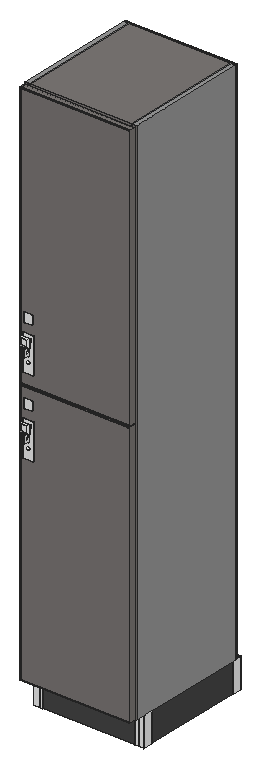
Revit family "Wood_Lockers_Hasps-Salsbury_Industries-15_42000_Series-1_Wide_Units.rfa", category Specialty Equipment, Revit 2016
Family settings
  Part Type = Normal
  Round Connector Dimension = Use Diameter
  OmniClass Number = 23.40.00.00
  OmniClass Title = Equipment and Furnishings
  Work Plane-Based = No
  Always vertical = Yes
  Cut with Voids When Loaded = No
  Shared = No
  Room Calculation Point = No
Parameters (values of type "15-42168")
  Width = 15.000"
  Version = "1.0 (01/31/24)"
  Unit Height including Sloping Hood Only [instance] = 78.868"
  Unit Height including Base Only [instance] = 76.000"
  URL = "www.lockers.com"
  Type Comments = "Premier Wood Lockers - Double Tier - with Hasps"
  Total Doors Height [instance] = if(Unit Height = 72.000", 71.750", if(Unit Height = 60.000", 59.750", 0.000"))  # 71.750"
  Sloping Top Corner Filler - Right Side [instance] = Wood Locker Sloping Corner Fillers : None
  Sloping Top Corner Filler - Left Side [instance] = Wood Locker Sloping Corner Fillers : None
  Sloping In-Line Filler - Right Side [instance] = Wood Locker Sloping In-Line Fillers : None
  Sloping In-Line Filler - Left Side [instance] = Wood Locker Sloping In-Line Fillers : None
  Sloping Hood Height = if(Depth = 15.000", 5.743", if(Depth = 18.000", 6.868", if(Depth = 21.000", 7.993", if(Depth = 24.000", 9.118", 0.000"))))  # 6.868"
  Sloping Hood [instance] = Wood Locker Sloping Hoods : None
  Side Panel without Slope - Right Side [instance] = Wood Locker Side Panels-No Slope : None
  Side Panel without Slope - Left Side [instance] = Wood Locker Side Panels-No Slope : None
  Side Panel with Slope - Right Side [instance] = Wood Locker Side Panels-With Slope : None
  Side Panel with Slope - Left Side [instance] = Wood Locker Side Panels-With Slope : None
  Secondary Structure Materials = Particle Board Industrial Grade - Salsbury Finish - Black Melamine Overlay
  Primary Structure Materials = Particle Board Industrial Grade - Salsbury Finish - Plain
  Overall Unit Height including Base and Sloping Hood [instance] = 82.868"
  OmniClass 23 Title = "Equipment and Furnishings"
  OmniClass 23 Number = "23.40.00.00"
  Model = "15-42168"
  MasterFormat Title = "Lockers"
  MasterFormat Code = "10 51 23"
  Manufacturer = "Salsbury Industries"
  Laminate Surface [instance] = Industrial Grade Particleboard with Wood Laminate - Salsbury Finish - Skyline Walnut
  Interior Material = Textured Melamine - Salsbury Finish - White
  Individual Door Width [instance] = 14.875"
  Unit Height = 72.000"
  Individual Door Height = if(Unit Height = 72.000", 35.781", if(Unit Height = 60.000", 29.781", 0.000"))  # 35.781"
  Hardware = Aluminum - Salsbury Finish - Black Satin
  Front Vertical Filler - Right Side [instance] = Wood Locker Front Fillers : None
  Front Vertical Filler - Left Side [instance] = Wood Locker Front Fillers : None
  Front Corner Filler - Right Side [instance] = Wood Locker Front Corner Filler : None
  Front Corner Filler - Left Side [instance] = Wood Locker Front Corner Filler : None
  Flat Top In-Line Filler - Right Side [instance] = Wood Locker Flat In-Line Fillers : None
  Flat Top In-Line Filler - Left Side [instance] = Wood Locker Flat In-Line Fillers : None
  Flat Top Corner Filler - Right Side [instance] = Wood Locker Flat Corner Fillers : None
  Flat Top Corner Filler - Left Side [instance] = Wood Locker Flat Corner Fillers : None
  Fascia Filler [instance] = Wood Locker Fascia Fillers : None
  Double Side Panel without Slope - Right Side [instance] = Wood Locker Double Side Panels-No Slope : None
  Double Side Panel without Slope - Left Side [instance] = Wood Locker Double Side Panels-No Slope : None
  Double Side Panel with Slope - Right Side [instance] = Wood Locker Double Side Panels-With Slope : None
  Double Side Panel with Slope - Left Side [instance] = Wood Locker Double Side Panels-With Slope : None
  Door Location D2 = Premier Locker Doors_Hasp : Double Tier Door-2 for Six Foot High Locker
  Door Location D1 = Premier Locker Doors_Hasp : Double Tier Door-1 for Six Foot High Locker
  Description = "1 Wide - 6 Feet High - 18 inches Deep - with Base"
  Depth = 18.000"
  Compartment Width [instance] = 13.750"
  Compartment Height [instance] = if(Unit Height = 72.000", 34.875", if(Unit Height = 60.000", 28.875", 0.000"))  # 34.875"
  Compartment Depth [instance] = 16.750"
  Base Material = Particle Board Industrial Grade - Salsbury Finish - Black Melamine Overlay
  Base Height = 4.000"
  Base Depth [instance] = 16.250"
  Base = Wood Locker Bases : Base - 15" W x 18" D Lockers
  Assembly Code = "C1030310"
Reference planes (in)
  plane 1 "Center (Front/Back)": y = 0
  plane 2: z = 0
  plane 3 "Center (Left/Right)": x = 0
  plane 4 "Right Side of Unit": x = 7.5
  plane 5 "Left Side of Unit": x = -7.5
  plane 6 "Back of Unit": y = 9
  plane 7 "Front of Unit": y = -9
  plane 8 "Bottom of Base": z = 0
  plane 9 "Top Edge of Unit": z = 76
  plane 10 "Top of Base Edge": z = 4
  plane 11: z = 82.868
  plane 12 "Right Compartment Edge": x = 6.906
  plane 13 "Left Compartment Edge": x = -6.906
  plane 14 "Front Melamine Edge": y = -8
  plane 15 "Back Compartment Edge": y = 8.781
  plane 16 "Front Compartment Edge": y = -7.969
  plane 17 "Front Edge of Base": y = -6.625
  plane 18 "Bottom Edge of Door": z = 4.125
  plane 19 "Top Edge of Door": z = 75.875
  plane 20 "Bottom Compartment Edge": z = 4.75
  plane 21 "Top Compartment Edge": z = 75.25
  plane 22 "Center Top and Bottom": z = 40
  plane 23 "Left Melamine Edge": x = -6.875
  plane 24 "Right Melamine Edge": x = 6.875
  plane 25 "Back Melamine Edge": y = 8.75
  plane 26 "Left Edge of Door": x = -7.375
  plane 27: y = 9.625
  plane 28: y = -7.25
  plane 29 "Base / Ventillation Alignment": y = 9.625
  plane 30 "Compartment Shelf": z = 40.375
  plane 31: z = 39.625
  plane 32: z = 39.906
  plane 33: z = 40.094
  plane 34 "5" Shelf top": z = 70.75
  plane 35: z = 70
  plane 36 "Front of Shelf": y = 3.75
  plane 37 "5" Shelf Bottom": z = 35.125
  plane 38: z = 34.375
  plane 39: y = 3.781
Forms (in)
  Extrusion 1, solid, material "Particle Board Industrial Grade - Salsbury Finish - Plain" <- "Primary Structure Materials"
    sketch origin (7.5, 0, 0) x (0, -1, 0) y (0, 0, 1)
      loop
        line (7.969, 76) -> (-8.75, 76) -> (-8.75, 4) -> (7.969, 4) -> (7.969, 76)
    from 0 to 0.594
  Extrusion 2, solid, material "Particle Board Industrial Grade - Salsbury Finish - Plain" <- "Primary Structure Materials"
    sketch origin (-7.5, 0, 0) x (0, -1, 0) y (0, 0, 1)
      loop
        line (-8.75, 76) -> (-8.75, 4) -> (7.969, 4) -> (7.969, 76) -> (-8.75, 76)
    from 0 to -0.594
  Extrusion 3, solid, material "Textured Melamine - Salsbury Finish - White" <- "Interior Material"
    sketch origin (0, 0, 4) x (0, -1, 0) y (1, 0, 0)
      loop
        line (-8.75, -6.875) -> (7.969, -6.875) -> (7.969, 6.875) -> (-8.75, 6.875) -> (-8.75, -6.875)
    from 0 to 0.75
  Extrusion 4, solid, material "Industrial Grade Particleboard with Wood Laminate - Salsbury Finish - Skyline Walnut" <- "Laminate Surface"
    sketch origin (-0.375, 0.375, 76) x (-1, 0, 0) y (0, -1, 0)
      loop
        line (-7.25, -8.375) -> (6.5, -8.375) -> (6.5, 8.375) -> (-7.25, 8.375) -> (-7.25, -8.375)
    from 0 to -0.75
  Extrusion 5, solid, material "Particle Board Industrial Grade - Salsbury Finish - Plain" <- "Primary Structure Materials"
    sketch origin (0, 9, 0) x (1, 0, 0) y (0, 0, 1)
      loop
        line (-7.5, 76) -> (-7.5, 4) -> (7.5, 4) -> (7.5, 76) -> (-7.5, 76)
    from 0 to 0.219
  Extrusion 6, solid, material "Industrial Grade Particleboard with Wood Laminate - Salsbury Finish - Skyline Walnut" <- "Laminate Surface"
    sketch origin (0, -7.969, 0) x (1, 0, 0) y (0, 0, 1)
      loop
        line (-7.5, 76) -> (-7.5, 4) -> (-6.875, 4) -> (-6.875, 76) -> (-7.5, 76)
    from 0 to 0.031
  Extrusion 7, solid, material "Industrial Grade Particleboard with Wood Laminate - Salsbury Finish - Skyline Walnut" <- "Laminate Surface"
    sketch origin (0, -7.969, 0) x (-1, 0, 0) y (0, 0, -1)
      loop
        line (-7.5, -76) -> (-6.875, -76) -> (-6.875, -4) -> (-7.5, -4) -> (-7.5, -76)
    from 0 to 0.031
  Extrusion 8, solid, material "Textured Melamine - Salsbury Finish - White" <- "Interior Material"
    sketch origin (0, 8.75, 0) x (1, 0, 0) y (0, 0, 1)
      loop
        line (-7.5, 76) -> (-7.5, 4) -> (7.5, 4) -> (7.5, 76) -> (-7.5, 76)
    from -0.031 to 0
  Extrusion 9, solid, material "Textured Melamine - Salsbury Finish - White" <- "Interior Material"
    sketch origin (-6.906, 0, 0) x (0, -1, 0) y (0, 0, 1)
      loop
        line (-8.75, 76) -> (-8.75, 4) -> (7.969, 4) -> (7.969, 76) -> (-8.75, 76)
    from 0 to -0.031
  Extrusion 10, solid, material "Textured Melamine - Salsbury Finish - White" <- "Interior Material"
    sketch origin (6.906, 0, 0) x (0, -1, 0) y (0, 0, 1)
      loop
        line (7.969, 76) -> (-8.75, 76) -> (-8.75, 4) -> (7.969, 4) -> (7.969, 76)
    from 0 to 0.031
  Extrusion 11, solid, material "Textured Melamine - Salsbury Finish - White" <- "Interior Material", detail levels fine
    sketch origin (0, 0, 40.375) x (0, -1, 0) y (1, 0, 0)
      loop
        line (-8.75, -6.875) -> (7.969, -6.875) -> (7.969, 6.875) -> (-8.75, 6.875) -> (-8.75, -6.875)
    from 0 to -0.75
  Extrusion 12, solid, material "Textured Melamine - Salsbury Finish - White" <- "Interior Material"
    sketch origin (0, 0, 70.75) x (0, -1, 0) y (1, 0, 0)
      loop
        line (-8.75, -6.875) -> (-3.781, -6.875) -> (-3.781, 6.875) -> (-8.75, 6.875) -> (-8.75, -6.875)
    from 0 to -0.75
  Extrusion 13, solid, material "Textured Melamine - Salsbury Finish - White" <- "Interior Material"
    sketch origin (0, 0, 35.125) x (0, -1, 0) y (1, 0, 0)
      loop
        line (-8.75, -6.875) -> (-3.781, -6.875) -> (-3.781, 6.875) -> (-8.75, 6.875) -> (-8.75, -6.875)
    from 0 to -0.75
  Extrusion 14, solid, material "Industrial Grade Particleboard with Wood Laminate - Salsbury Finish - Skyline Walnut" <- "Laminate Surface"
    sketch origin (0, -8, 0) x (1, 0, 0) y (0, 0, 1)
      loop
        line (-6.875, 40.375) -> (-6.875, 39.625) -> (6.875, 39.625) -> (6.875, 40.375) -> (-6.875, 40.375)
    from 0 to -0.031
  Extrusion 15, solid, material "Industrial Grade Particleboard with Wood Laminate - Salsbury Finish - Skyline Walnut" <- "Laminate Surface"
    sketch origin (0, -8, 0) x (1, 0, 0) y (0, 0, 1)
      loop
        line (-6.875, 4.75) -> (-6.875, 4) -> (6.875, 4) -> (6.875, 4.75) -> (-6.875, 4.75)
    from 0 to -0.031
  Extrusion 16, solid, material "Industrial Grade Particleboard with Wood Laminate - Salsbury Finish - Skyline Walnut" <- "Laminate Surface"
    sketch origin (0, 3.75, 0) x (1, 0, 0) y (0, 0, 1)
      loop
        line (-6.875, 70.75) -> (-6.875, 70) -> (6.875, 70) -> (6.875, 70.75) -> (-6.875, 70.75)
    from 0 to -0.031
  Extrusion 17, solid, material "Industrial Grade Particleboard with Wood Laminate - Salsbury Finish - Skyline Walnut" <- "Laminate Surface"
    sketch origin (0, 3.75, -35.625) x (1, 0, 0) y (0, 0, 1)
      loop
        line (-6.875, 70.75) -> (-6.875, 70) -> (6.875, 70) -> (6.875, 70.75) -> (-6.875, 70.75)
    from 0 to -0.031
Lines and regions (in)
  symbolic lines
    curve 1: line (-7.5, 8.75, 76) -> (7.50006, 8.75, 76)
    curve 2: line (-7.5, 8.75, 0) -> (-7.5, 8.75, 76)
    curve 3: line (7.50006, 8.75, 76) -> (7.50006, 8.75, 0)
    curve 4: line (6.906, -8, 76) -> (6.906, 9.625, 76)
    curve 5: line (6.906, -8, 0) -> (6.906, -8, 76)
    curve 6: line (6.906, 9.625, 76) -> (6.906, 9.625, 0)
    curve 7: line (7.50006, 8.75, 0) -> (-7.5, 8.75, 0)
    curve 8: line (6.906, -6.625, 0) -> (6.906, 9.625, 0)
    curve 9: line (6.906, 9.625, 0) -> (6.906, -6.625, 0)
    curve 10: line (6.906, -8, 0) -> (6.906, 9.625, 0)
    curve 11: line (-7.5, 9.625, 0) -> (7.5, 9.625, 0)
    curve 12: line (-7.5, -8, 0) -> (-7.5, 9.625, 0)
    curve 13: line (7.5, -8, 0) -> (-7.5, -8, 0)
    curve 14: line (7.5, 9.625, 0) -> (7.5, -8, 0)
Dimensions and locks (in)
  equal spacing: plane 5 "Left Side of Unit", plane 3 "Center (Left/Right)", plane 4 "Right Side of Unit"
  "Width": plane 5 "Left Side of Unit" to plane 4 "Right Side of Unit"
  equal spacing: plane 7 "Front of Unit", plane 1 "Center (Front/Back)", plane 6 "Back of Unit"
  "Depth": plane 7 "Front of Unit" to plane 6 "Back of Unit"
  "Base Height": plane 10 "Top of Base Edge" to plane 8 "Bottom of Base"
  "Unit Height": plane 9 "Top Edge of Unit" to plane 10 "Top of Base Edge"
  "Sloping Hood Height": plane 11 to plane 9 "Top Edge of Unit"
  locked: plane 12 "Right Compartment Edge" to plane 4 "Right Side of Unit" at 0.594
  locked: plane 5 "Left Side of Unit" to plane 13 "Left Compartment Edge" at 0.594
  locked: plane 7 "Front of Unit" to plane 14 "Front Melamine Edge" at 1
  locked: plane 15 "Back Compartment Edge" to plane 6 "Back of Unit" at 0.219
  locked: plane 14 "Front Melamine Edge" to plane 16 "Front Compartment Edge" at 0.031
  plane 18 "Bottom Edge of Door" to plane 10 "Top of Base Edge" = 0.125"
  plane 9 "Top Edge of Unit" to plane 19 "Top Edge of Door" = 0.125"
  plane 20 "Bottom Compartment Edge" to plane 10 "Top of Base Edge" = 0.750"
  plane 9 "Top Edge of Unit" to plane 21 "Top Compartment Edge" = 0.750"
  equal spacing: plane 9 "Top Edge of Unit", plane 22 "Center Top and Bottom", plane 10 "Top of Base Edge"
  locked: plane 24 "Right Melamine Edge" to plane 12 "Right Compartment Edge" at 0.031
  locked: plane 13 "Left Compartment Edge" to plane 23 "Left Melamine Edge" at 0.031
  locked: plane 25 "Back Melamine Edge" to plane 15 "Back Compartment Edge" at 0.031
  locked: plane 5 "Left Side of Unit" to plane 26 "Left Edge of Door" at 0.125
  "Individual Door Width": plane 26 "Left Edge of Door" to plane 4 "Right Side of Unit"
  "Total Doors Height": plane 19 "Top Edge of Door" to plane 18 "Bottom Edge of Door"
  "Unit Height including Base Only": plane 9 "Top Edge of Unit" to plane 8 "Bottom of Base"
  "Unit Height including Sloping Hood Only": plane 11 to plane 10 "Top of Base Edge"
  "Overall Unit Height including Base and Sloping Hood": plane 11 to plane 8 "Bottom of Base"
  locked: plane 7 "Front of Unit" to plane 17 "Front Edge of Base" at 2.375
  locked: plane 6 "Back of Unit" to plane 27 at 0.625
  "Base Depth": plane 17 "Front Edge of Base" to plane 27
  "Compartment Width": plane 23 "Left Melamine Edge" to plane 24 "Right Melamine Edge"
  "Compartment Height": plane 31 to plane 20 "Bottom Compartment Edge"
  "Compartment Depth": plane 14 "Front Melamine Edge" to plane 25 "Back Melamine Edge"
  locked: plane 14 "Front Melamine Edge" to plane 28 at 0.75
  plane 14 "Front Melamine Edge" to plane 27 = 17.625"
  Extrusion 2 to Extrusion 9 = 16.719"
  plane 6 "Back of Unit" to plane 29 "Base / Ventillation Alignment" = 0.625"
  locked: plane 30 "Compartment Shelf" to plane 31 at 0.75
  locked: plane 33 to plane 32 at 0.188
  "Individual Door Height": plane 32 to plane 18 "Bottom Edge of Door"
  plane 21 "Top Compartment Edge" to plane 34 "5" Shelf top" to plane 35 = 4.500" locked, 0.750" locked
  locked: plane 36 "Front of Shelf" to plane 25 "Back Melamine Edge" at 5
  plane 31 to plane 37 "5" Shelf Bottom" to plane 38 = 4.500" locked, 0.750" locked
  locked: plane 36 "Front of Shelf" to plane 39 at 0.031
  aligned and locked: level to plane 2
  aligned and locked: plane 15 "Back Compartment Edge" to Extrusion 5
  aligned and locked: plane 4 "Right Side of Unit" to nested 1
  aligned and locked: plane 18 "Bottom Edge of Door" to nested 1
  aligned and locked: plane 7 "Front of Unit" to nested 1
  aligned and locked: plane 9 "Top Edge of Unit" to nested 2
  aligned and locked: plane 14 "Front Melamine Edge" to nested 2
  aligned and locked: plane 5 "Left Side of Unit" to nested 3
  aligned and locked: plane 14 "Front Melamine Edge" to nested 3
  aligned and locked: plane 9 "Top Edge of Unit" to nested 3
  aligned and locked: plane 4 "Right Side of Unit" to nested 4
  aligned and locked: nested 4 to plane 9 "Top Edge of Unit"
  aligned and locked: nested 4 to plane 14 "Front Melamine Edge"
  aligned and locked: plane 9 "Top Edge of Unit" to nested 5
  aligned and locked: plane 28 to nested 5
  aligned and locked: nested 6 to plane 28
  aligned and locked: plane 5 "Left Side of Unit" to nested 6
  aligned and locked: plane 4 "Right Side of Unit" to nested 5
  aligned and locked: nested 6 to plane 9 "Top Edge of Unit"
  aligned and locked: nested 8 to plane 5 "Left Side of Unit"
  aligned and locked: nested 7 to plane 4 "Right Side of Unit"
  aligned and locked: plane 14 "Front Melamine Edge" to nested 7
  aligned and locked: nested 8 to plane 14 "Front Melamine Edge"
  aligned and locked: plane 10 "Top of Base Edge" to nested 7
  aligned and locked: nested 8 to plane 10 "Top of Base Edge"
  aligned and locked: plane 5 "Left Side of Unit" to nested 9
  aligned and locked: plane 4 "Right Side of Unit" to nested 10
  aligned and locked: nested 10 to plane 10 "Top of Base Edge"
  aligned and locked: plane 10 "Top of Base Edge" to nested 9
  aligned and locked: plane 16 "Front Compartment Edge" to nested 10
  aligned and locked: nested 9 to plane 14 "Front Melamine Edge"
  aligned and locked: plane 4 "Right Side of Unit" to nested 11
  aligned and locked: nested 11 to plane 10 "Top of Base Edge"
  aligned and locked: plane 14 "Front Melamine Edge" to nested 11
  aligned and locked: plane 14 "Front Melamine Edge" to nested 12
  aligned and locked: nested 12 to nested 4
  aligned and locked: plane 10 "Top of Base Edge" to nested 12
  aligned and locked: nested 13 to plane 5 "Left Side of Unit"
  aligned and locked: nested 13 to plane 14 "Front Melamine Edge"
  aligned and locked: nested 13 to plane 10 "Top of Base Edge"
  aligned and locked: plane 14 "Front Melamine Edge" to nested 14
  aligned and locked: nested 14 to plane 4 "Right Side of Unit"
  aligned and locked: nested 15 to plane 14 "Front Melamine Edge"
  aligned and locked: nested 15 to plane 5 "Left Side of Unit"
  aligned and locked: plane 10 "Top of Base Edge" to nested 14
  aligned and locked: nested 15 to plane 10 "Top of Base Edge"
  aligned and locked: plane 14 "Front Melamine Edge" to nested 16
  aligned and locked: plane 4 "Right Side of Unit" to nested 16
  aligned and locked: nested 17 to plane 14 "Front Melamine Edge"
  aligned and locked: plane 5 "Left Side of Unit" to nested 17
  aligned and locked: nested 16 to plane 8 "Bottom of Base"
  aligned and locked: nested 17 to plane 8 "Bottom of Base"
  aligned and locked: nested 18 to plane 5 "Left Side of Unit"
  aligned and locked: nested 19 to plane 4 "Right Side of Unit"
  aligned and locked: nested 19 to plane 14 "Front Melamine Edge"
  aligned and locked: plane 14 "Front Melamine Edge" to nested 18
  aligned and locked: plane 8 "Bottom of Base" to nested 19
  aligned and locked: nested 18 to plane 8 "Bottom of Base"
  aligned and locked: plane 17 "Front Edge of Base" to nested 20
  aligned and locked: plane 9 "Top Edge of Unit" to nested 21
  aligned and locked: plane 5 "Left Side of Unit" to nested 21
  aligned and locked: nested 22 to plane 9 "Top Edge of Unit"
  aligned and locked: plane 4 "Right Side of Unit" to nested 22
  aligned and locked: nested 22 to plane 14 "Front Melamine Edge"
  aligned and locked: nested 21 to plane 14 "Front Melamine Edge"
  aligned and locked: nested 24 to plane 9 "Top Edge of Unit"
  aligned and locked: plane 4 "Right Side of Unit" to nested 24
  aligned and locked: nested 23 to plane 9 "Top Edge of Unit"
  aligned and locked: plane 5 "Left Side of Unit" to nested 23
  aligned and locked: nested 24 to plane 28
  aligned and locked: nested 23 to plane 28
  aligned and locked: plane 14 "Front Melamine Edge" to nested 25
  aligned and locked: plane 9 "Top Edge of Unit" to nested 25
  aligned and locked: plane 8 "Bottom of Base" to nested 20
  aligned and locked: plane 3 "Center (Left/Right)" to nested 20
  aligned and locked: plane 25 "Back Melamine Edge" to Extrusion 3 sketch curve
  aligned and locked: Extrusion 3 sketch curve to plane 23 "Left Melamine Edge"
  aligned and locked: plane 24 "Right Melamine Edge" to Extrusion 3 sketch curve
  aligned and locked: Extrusion 4 to plane 9 "Top Edge of Unit"
  aligned and locked: plane 21 "Top Compartment Edge" to Extrusion 4
  aligned and locked: Extrusion 2 sketch curve to plane 9 "Top Edge of Unit"
  aligned and locked: plane 16 "Front Compartment Edge" to Extrusion 2 sketch curve
  aligned and locked: Extrusion 2 sketch curve to plane 25 "Back Melamine Edge"
  aligned and locked: plane 10 "Top of Base Edge" to Extrusion 2 sketch curve
  aligned and locked: Extrusion 2 to plane 13 "Left Compartment Edge"
  aligned and locked: plane 5 "Left Side of Unit" to Extrusion 2
  aligned and locked: plane 10 "Top of Base Edge" to Extrusion 9 sketch curve
  aligned and locked: Extrusion 9 sketch curve to plane 25 "Back Melamine Edge"
  aligned and locked: Extrusion 9 sketch curve to plane 9 "Top Edge of Unit"
  aligned and locked: Extrusion 1 sketch curve to plane 16 "Front Compartment Edge"
  aligned and locked: plane 9 "Top Edge of Unit" to Extrusion 1 sketch curve
  aligned and locked: Extrusion 1 sketch curve to plane 10 "Top of Base Edge"
  aligned and locked: plane 25 "Back Melamine Edge" to Extrusion 1 sketch curve
  aligned and locked: Extrusion 1 to plane 4 "Right Side of Unit"
  aligned and locked: plane 12 "Right Compartment Edge" to Extrusion 1
  aligned and locked: Extrusion 10 sketch curve to plane 10 "Top of Base Edge"
  aligned and locked: plane 25 "Back Melamine Edge" to Extrusion 10 sketch curve
  aligned and locked: Extrusion 10 sketch curve to plane 16 "Front Compartment Edge"
  aligned and locked: plane 9 "Top Edge of Unit" to Extrusion 10 sketch curve
  aligned and locked: Extrusion 10 to plane 12 "Right Compartment Edge"
  aligned and locked: plane 24 "Right Melamine Edge" to Extrusion 10
  aligned and locked: Extrusion 8 sketch curve to plane 10 "Top of Base Edge"
  aligned and locked: plane 4 "Right Side of Unit" to Extrusion 8 sketch curve
  aligned and locked: plane 9 "Top Edge of Unit" to Extrusion 8 sketch curve
  aligned and locked: Extrusion 8 sketch curve to plane 5 "Left Side of Unit"
  aligned and locked: Extrusion 8 to plane 15 "Back Compartment Edge"
  aligned and locked: plane 25 "Back Melamine Edge" to Extrusion 8
  aligned and locked: plane 9 "Top Edge of Unit" to Extrusion 5 sketch curve
  aligned and locked: Extrusion 5 sketch curve to plane 5 "Left Side of Unit"
  aligned and locked: Extrusion 5 sketch curve to plane 10 "Top of Base Edge"
  aligned and locked: plane 4 "Right Side of Unit" to Extrusion 5 sketch curve
  aligned and locked: Extrusion 7 sketch curve to plane 9 "Top Edge of Unit"
  aligned and locked: Extrusion 7 sketch curve to plane 4 "Right Side of Unit"
  aligned and locked: plane 24 "Right Melamine Edge" to Extrusion 7 sketch curve
  aligned and locked: plane 10 "Top of Base Edge" to Extrusion 7 sketch curve
  aligned and locked: Extrusion 7 to plane 16 "Front Compartment Edge"
  aligned and locked: plane 14 "Front Melamine Edge" to Extrusion 7
  aligned and locked: Extrusion 6 sketch curve to plane 10 "Top of Base Edge"
  aligned and locked: plane 23 "Left Melamine Edge" to Extrusion 6 sketch curve
  aligned and locked: Extrusion 6 sketch curve to plane 5 "Left Side of Unit"
  aligned and locked: plane 9 "Top Edge of Unit" to Extrusion 6 sketch curve
  aligned and locked: Extrusion 6 to plane 16 "Front Compartment Edge"
  aligned and locked: plane 14 "Front Melamine Edge" to Extrusion 6
  aligned and locked: plane 16 "Front Compartment Edge" to Extrusion 9
  aligned and locked: plane 13 "Left Compartment Edge" to Extrusion 9
  aligned and locked: nested 3 to curve 1
  aligned and locked: curve 2 to nested 17
  aligned and locked: curve 4 to nested 2
  aligned and locked: nested 16 to curve 5
  aligned and locked: curve 9 to nested 20
  aligned and locked: curve 10 to nested 16
  aligned and locked: curve 12 to plane 5 "Left Side of Unit"
  aligned and locked: plane 29 "Base / Ventillation Alignment" to curve 11
  aligned and locked: plane 3 "Center (Left/Right)" to nested 2
  aligned and locked: plane 3 "Center (Left/Right)" to nested 25
  aligned and locked: plane 29 "Base / Ventillation Alignment" to curve 6
  aligned and locked: plane 25 "Back Melamine Edge" to Extrusion 11 sketch curve
  aligned and locked: Extrusion 11 sketch curve to plane 23 "Left Melamine Edge"
  aligned and locked: plane 24 "Right Melamine Edge" to Extrusion 11 sketch curve
  aligned and locked: plane 33 to nested 26
  aligned and locked: plane 4 "Right Side of Unit" to nested 26
  aligned and locked: plane 7 "Front of Unit" to nested 26
  aligned and locked: plane 35 to Extrusion 12
  aligned and locked: plane 23 "Left Melamine Edge" to Extrusion 12
  aligned and locked: Extrusion 12 to plane 24 "Right Melamine Edge"
  aligned and locked: Extrusion 12 to plane 25 "Back Melamine Edge"
  aligned and locked: Extrusion 13 to plane 37 "5" Shelf Bottom"
  aligned and locked: plane 38 to Extrusion 13
  aligned and locked: plane 23 "Left Melamine Edge" to Extrusion 13
  aligned and locked: Extrusion 13 to plane 24 "Right Melamine Edge"
  aligned and locked: Extrusion 13 to plane 25 "Back Melamine Edge"
  aligned and locked: Extrusion 12 to plane 34 "5" Shelf top"
  aligned and locked: plane 14 "Front Melamine Edge" to Extrusion 4
  aligned and locked: plane 16 "Front Compartment Edge" to Extrusion 11
  aligned and locked: plane 31 to Extrusion 11
  aligned and locked: Extrusion 11 to plane 30 "Compartment Shelf"
  aligned and locked: Extrusion 14 to Extrusion 11  (x2)
  aligned and locked: Extrusion 14 to Extrusion 6
  aligned and locked: Extrusion 14 to Extrusion 7
  aligned and locked: Extrusion 14 to plane 16 "Front Compartment Edge"
  aligned and locked: plane 14 "Front Melamine Edge" to Extrusion 14
  aligned and locked: plane 16 "Front Compartment Edge" to Extrusion 3
  aligned and locked: Extrusion 15 sketch curve to Extrusion 3  (x3)
  aligned and locked: Extrusion 7 to Extrusion 15 sketch curve
  aligned and locked: Extrusion 15 to plane 16 "Front Compartment Edge"
  aligned and locked: plane 14 "Front Melamine Edge" to Extrusion 15
  aligned and locked: Extrusion 12 to plane 39
  aligned and locked: Extrusion 16 sketch curve to Extrusion 12  (x4)
  aligned and locked: Extrusion 17 to Extrusion 13  (x2)
  aligned and locked: Extrusion 17 to Extrusion 6
  aligned and locked: Extrusion 17 to Extrusion 7
  aligned and locked: Extrusion 17 to Extrusion 12
  aligned and locked: plane 36 "Front of Shelf" to Extrusion 17
  aligned and locked: Extrusion 13 to Extrusion 12
Automatic sketch dimensions
  plane 16 "Front Compartment Edge" to Extrusion 3 sketch curve = 0.000"
  plane 14 "Front Melamine Edge" to Extrusion 4 sketch curve = 0.000"
  Extrusion 4 sketch curve to plane 24 "Right Melamine Edge" = 0.000"
  Extrusion 4 sketch curve to plane 23 "Left Melamine Edge" = 0.000"
  plane 25 "Back Melamine Edge" to Extrusion 4 sketch curve = 0.000"
  Extrusion 9 sketch curve to plane 16 "Front Compartment Edge" = 0.000"
  curve 3 to level = 0.000"
  curve 3 to plane 4 "Right Side of Unit" = 0.00006"
  curve 8 to plane 17 "Front Edge of Base" = 0.000"
  curve 9 to plane 17 "Front Edge of Base" = 0.000"
  plane 14 "Front Melamine Edge" to curve 13 = 0.000"
  curve 13 to plane 4 "Right Side of Unit" = 0.000"
  plane 16 "Front Compartment Edge" to Extrusion 11 sketch curve = 0.000"
  Extrusion 12 sketch curve to plane 24 "Right Melamine Edge" = 0.000"
  plane 25 "Back Melamine Edge" to Extrusion 12 sketch curve = 0.000"
  Extrusion 12 sketch curve to plane 23 "Left Melamine Edge" = 0.000"
  plane 39 to Extrusion 12 sketch curve = 0.000"
  Extrusion 13 sketch curve to plane 24 "Right Melamine Edge" = 0.000"
  plane 25 "Back Melamine Edge" to Extrusion 13 sketch curve = 0.000"
  Extrusion 13 sketch curve to plane 23 "Left Melamine Edge" = 0.000"
  Extrusion 13 sketch curve to plane 36 "Front of Shelf" = 0.031"
  plane 23 "Left Melamine Edge" to Extrusion 14 sketch curve = 0.000"
  plane 24 "Right Melamine Edge" to Extrusion 14 sketch curve = 0.000"
  Extrusion 14 sketch curve to plane 31 = 0.000"
  Extrusion 14 sketch curve to plane 30 "Compartment Shelf" = 0.000"
  plane 23 "Left Melamine Edge" to Extrusion 17 sketch curve = 0.000"
  plane 24 "Right Melamine Edge" to Extrusion 17 sketch curve = 0.000"
  Extrusion 17 sketch curve to plane 38 = 0.000"
  Extrusion 17 sketch curve to plane 37 "5" Shelf Bottom" = 0.000"
Nested families (in)
  nested 1: "Premier Locker Doors_Hasp" at (0.0625, -8.625, 4.125), type <- "Door Location D2", type "Double Tier Door-2 for Six Foot High Locker"
  nested 2: "Wood Locker Sloping Hoods" at (0, -0.6875, 76), type <- "Sloping Hood", type "None"
  nested 3: "Wood Locker Sloping Corner Fillers" at (-16.75, -1, 76), type <- "Sloping Top Corner Filler - Left Side", type "None"
  nested 4: "Wood Locker Sloping Corner Fillers" at (16.75, -1, 76) x (-1, 0, 0) z (0, 0, 1), type <- "Sloping Top Corner Filler - Right Side", type "None"
  nested 5: "Wood Locker Flat Corner Fillers" at (15, -3.625, 75.25), type <- "Flat Top Corner Filler - Right Side", type "None"
  nested 6: "Wood Locker Flat Corner Fillers" at (-15, -3.625, 75.25) x (-1, 0, 0) z (0, 0, 1), type <- "Flat Top Corner Filler - Left Side", type "None"
  nested 7: "Wood Locker Side Panels-No Slope" at (7.875, -1, 4) x (0, 1, 0) z (0, 0, 1), type <- "Side Panel without Slope - Right Side", type "None"
  nested 8: "Wood Locker Side Panels-No Slope" at (-7.875, -1, 4) x (0, 1, 0) z (0, 0, 1), type <- "Side Panel without Slope - Left Side", type "None"
  nested 9: "Wood Locker Side Panels-With Slope" at (-7.875, -0.6875, 4) x (0, -1, 0) z (0, 0, 1), type <- "Side Panel with Slope - Left Side", type "None"
  nested 10: "Wood Locker Side Panels-With Slope" at (7.875, -0.6565, 4) x (0, -1, 0) z (0, 0, 1), type <- "Side Panel with Slope - Right Side", type "None"
  nested 11: "Wood Locker Side Panels-With Slope" at (7.875, -0.6875, 4) x (0, -1, 0) z (0, 0, 1), type <- "Side Panel with Slope - Right Side", type "None"
  nested 12: "Wood Locker Double Side Panels-No Slope" at (7.875, -1, 4) x (0, 1, 0) z (0, 0, 1), type <- "Double Side Panel without Slope - Right Side", type "None"
  nested 13: "Wood Locker Double Side Panels-No Slope" at (-7.875, -1, 4) x (0, 1, 0) z (0, 0, 1), type <- "Double Side Panel without Slope - Left Side", type "None"
  nested 14: "Wood Locker Double Side Panels-With Slope" at (7.875, -1, 4) x (0, 1, 0) z (0, 0, 1), type <- "Double Side Panel with Slope - Right Side", type "None"
  nested 15: "Wood Locker Double Side Panels-With Slope" at (-7.875, -1, 4) x (0, 1, 0) z (0, 0, 1), type <- "Double Side Panel with Slope - Left Side", type "None"
  nested 16: "Wood Locker Front Fillers" at (15, -7.625, 0), type <- "Front Vertical Filler - Right Side", type "None"
  nested 17: "Wood Locker Front Fillers" at (-15, -7.625, 0) x (-1, 0, 0) z (0, 0, 1), type <- "Front Vertical Filler - Left Side", type "None"
  nested 18: "Wood Locker Front Corner Filler" at (-8.625, -7.625, 0), type <- "Front Corner Filler - Left Side", type "None"
  nested 19: "Wood Locker Front Corner Filler" at (8.625, -7.625, 0) x (-1, 0, 0) z (0, 0, 1), type <- "Front Corner Filler - Right Side", type "None"
  nested 20: "Wood Locker Bases" at (0, 1.5, 0), type <- "Base", type "Base - 15" W x 18" D Lockers"
  nested 21: "Wood Locker Sloping In-Line Fillers" at (-13.5, -1, 76), type <- "Sloping In-Line Filler - Left Side", type "None"
  nested 22: "Wood Locker Sloping In-Line Fillers" at (13.5, -1, 76) x (-1, 0, 0) z (0, 0, 1), type <- "Sloping In-Line Filler - Right Side", type "None"
  nested 23: "Wood Locker Flat In-Line Fillers" at (-15, -0.625, 75.25), type <- "Flat Top In-Line Filler - Left Side", type "None"
  nested 24: "Wood Locker Flat In-Line Fillers" at (15, -0.625, 75.25) x (-1, 0, 0) z (0, 0, 1), type <- "Flat Top In-Line Filler - Right Side", type "None"
  nested 25: "Wood Locker Fascia Fillers" at (0, -7.625, 76), type <- "Fascia Filler", type "None"
  nested 26: "Premier Locker Doors_Hasp" at (0.0625, -8.625, 40.094), type <- "Door Location D1", type "Double Tier Door-1 for Six Foot High Locker"
Definition of nested family "Premier Locker Doors_Hasp"
  Parameters (values of type "Single Tier Door for Six Foot High Locker")
    Width = 14.875"
    Visible Number Plates = yes
    Visible Center Hinge = yes
    Primary Structure Materials = none
    Number Tag-Vertical Offset = 31.625"
    Number Tag-Horizontal Offset = 13.750"
    Number Tag Width = 1.250"
    Number Tag Height = 1.250"
    Model = "Premier Locker Doors"
    Manufacturer = "Salsbury Industries"
    Lock Width = 1.500"
    Lock Height = 4.875"
    Laminate Surface = none
    Height = 71.750"
    Lock Vertical Offset = 35.875"
    Lock Horizontal Offset = 0.375"
    Door Trim = none
    Door Hasps = none
    Depth = 0.750"
    Default Elevation = 48.000"
  Types (7): name | Visible Center Hinge | Number Tag-Vertical Offset | Height | Lock Vertical Offset
    Single Tier Door for Six Foot High Locker | yes | 31.625" | 71.750" | 35.875"
    Double Tier Door-1 for Six Foot High Locker | no | 27.641" | 35.781" | 31.891"
    Double Tier Door-2 for Six Foot High Locker | yes | 2.078" | 35.781" | 6.328"
    Triple Tier Door-1 for Six Foot High Locker | no | 15.651" | 23.791" | 19.901"
    Triple Tier Door-2 for Six Foot High Locker | no | 7.646" | 23.791" | 11.896"
    Triple Tier Door-3 for Six Foot High Locker | no | 2.078" | 23.791" | 6.328"
    Four Tier Door for Six Foot High Locker | no | 4.647" | 17.796" | 8.897"
  Reference planes (in)
    plane 1 "Center (Front/Back)": y = 0
    plane 2: z = 0
    plane 3 "Center (Left/Right)": x = 0
    plane 4 "Left Side of Door": x = -7.4375
    plane 5 "Right Side of Door": x = 7.4375
    plane 6 "Back of Door": y = 0.375
    plane 7 "Front of Door": y = -0.375
    plane 8 "Bottom of Door": z = 0
    plane 9 "Top of Door": z = 71.75
    plane 10 "Center of Door": z = 35.875
    plane 11 "Top of Number Tag": z = 40.75
    plane 12 "Bottom of Number Tag": z = 39.5
    plane 13 "Left Side of Number Tag": x = -6.9375
    plane 14 "Right Side of Number Tag": x = -5.6875
    plane 15 "Horizontal Center of Number Tag": x = -6.3125
    plane 16 "Center of Number Tag": z = 40.125
    plane 17 "Left Side of Lock": x = -7.0625
    plane 18 "Right Side of Lock": x = -5.5625
    plane 19 "Lock Vertical Center": z = 35.875
    plane 20 "Top of Lock": z = 38.3125
    plane 21 "Bottom of Lock": z = 33.4375
    plane 22 "Front of Hasp Stud": y = -0.5
    plane 23 "Left Side of Door-Right Side of Trim": x = -7.3125
    plane 24 "Right Side of Door-Left Side of Trim": x = 7.3125
    plane 25 "Top of Door-Bottom of Trim": z = 71.625
    plane 26 "Bottom of Door-Top of Trim": z = 0.125
    plane 27 "Laminate-Particleboard Line": y = -0.344
    plane 28 "Melamine-Particleboard Line": y = 0.344
    plane 29 "Back of Number Plate Inset": y = -0.313
    plane 30 "Center of Lock": x = -6.3125
    plane 31: y = -0.188
    plane 32 "Door Stopper Plane": y = 0.625
    plane 33: x = -6.9875
    plane 34: z = 71.3
    plane 35 "Top Hinge": z = 68.75
    plane 36: x = 6.8125
    plane 37 "Bottom Hinge": z = 3
    plane 38 "Inner Knob": y = -1.094
    plane 39 "Front of Knob": y = -1.125
    plane 40: z = 37.1875
    plane 41: z = 34.5625
    plane 42: z = 38.1875
    plane 43: x = -5.6875
    plane 44: x = -6.9375
    plane 45: z = 36.9375
    plane 46 "Top of Hole": z = 36.8125
    plane 47: x = -6.1245
    plane 48: x = -6.5005
    plane 49 "Bottom of Hole": z = 35.5625
    plane 50 "Stud Alignment": z = 34.8125
    plane 51 "Center of Handle": z = 37.5625
    plane 52: z = 37.7505
    plane 53: z = 37.3745
    plane 54: z = 37.96546
    plane 55: z = 37.15954
    plane 56 "Front of Latch": y = -1
    plane 57: z = 36.6844
    plane 58: z = 35.6844
    plane 59: z = 36.1844
    plane 60: x = 6.8435
    plane 61: z = 36.6245
    plane 62: z = 35.74816
  Forms (in)
    Extrusion 1, solid, detail levels fine
      sketch origin (0, 0, 0) x (1, 0, 0) y (0, 0, 1)
        loop
          line (-7.4065, 0.031) -> (7.4065, 0.031) -> (7.4065, 71.719) -> (-7.4065, 71.719) -> (-7.4065, 0.031)
      from -0.344 to 0.344
    Extrusion 2, solid, material <- "Laminate Surface", detail levels fine
      sketch origin (0, 0.375, 0) x (1, 0, 0) y (0, 0, 1)
        loop
          line (-7.4065, 0.031) -> (7.4065, 0.031) -> (7.4065, 71.719) -> (-7.4065, 71.719) -> (-7.4065, 0.031)
      from 0.031 to 0
    Extrusion 3, solid, material <- "Laminate Surface"
      sketch origin (0, -0.375, 0) x (1, 0, 0) y (0, 0, 1)
        loop
          line (-7.4065, 0.031) -> (7.4065, 0.031) -> (7.4065, 71.719) -> (-7.4065, 71.719) -> (-7.4065, 0.031)
      from 0 to -0.031
    Sweep 4, solid, material <- "Door Trim"
      path origin (0, 0, 0) x (1, 0, 0) y (0, 0, 1)
        loop
          line (7.3125, 71.625) -> (-7.3125, 71.625) -> (-7.3125, 0.125) -> (7.3125, 0.125) -> (7.3125, 71.625)
      profile origin (0, 0, 71.625) x (0, 0, -1) y (0, -1, 0)
        loop
          line (-0.125, 0.375) -> (-0.125, -0.375) -> (-0.094, -0.375) -> (-0.094, 0.375) -> (-0.125, 0.375)
    Extrusion 5, void
      sketch origin (-1.875, -0.313, 0) x (1, 0, 0) y (0, 0, 1)
        loop
          arc (-4.91334, 40.75) -> (-5.01881, 40.70631) -> (-5.0625, 40.60084) r 0.14916
          line (-5.0625, 40.60084) -> (-5.0625, 39.64916)
          arc (-5.0625, 39.64916) -> (-5.01881, 39.54369) -> (-4.91334, 39.5) r 0.14916
          line (-4.91334, 39.5) -> (-3.96166, 39.5)
          arc (-3.96166, 39.5) -> (-3.85619, 39.54369) -> (-3.8125, 39.64916) r 0.14916
          line (-3.8125, 39.64916) -> (-3.8125, 40.60084)
          arc (-3.8125, 40.60084) -> (-3.85619, 40.70631) -> (-3.96166, 40.75) r 0.14916
          line (-3.96166, 40.75) -> (-4.91334, 40.75)
      from 0 to 0.062
    Extrusion 6, solid, visible <- "Visible Number Plates", detail levels medium+fine
      sketch origin (-1.875, -0.375, 0) x (1, 0, 0) y (0, 0, 1)
        loop
          arc (-4.91334, 40.75) -> (-5.01881, 40.70631) -> (-5.0625, 40.60084) r 0.14916
          line (-5.0625, 40.60084) -> (-5.0625, 39.64916)
          arc (-5.0625, 39.64916) -> (-5.01881, 39.54369) -> (-4.91334, 39.5) r 0.14916
          line (-4.91334, 39.5) -> (-3.96166, 39.5)
          arc (-3.96166, 39.5) -> (-3.85619, 39.54369) -> (-3.8125, 39.64916) r 0.14916
          line (-3.8125, 39.64916) -> (-3.8125, 40.60084)
          arc (-3.8125, 40.60084) -> (-3.85619, 40.70631) -> (-3.96166, 40.75) r 0.14916
          line (-3.96166, 40.75) -> (-4.91334, 40.75)
      from -0.062 to 0
    Extrusion 7, solid, detail levels medium+fine
      sketch origin (0, 0.375, 0) x (1, 0, 0) y (0, 0, 1)
        loop
          circle (-6.9875, 71.3) r 0.25
      from 0 to -0.25
    Extrusion 8, solid, detail levels medium+fine
      sketch origin (0, 0.375, 0) x (1, 0, 0) y (0, 0, 1)
        loop
          line (6.8125, 68.5) -> (6.8125, 69) -> (6.3125, 69) -> (6.3125, 68.5) -> (6.8125, 68.5)
      from 0 to -0.25
    Extrusion 9, solid, detail levels medium+fine
      sketch origin (0, 0.375, -0.25) x (1, 0, 0) y (0, 0, 1)
        loop
          line (6.8125, 3) -> (6.8125, 3.5) -> (6.3125, 3.5) -> (6.3125, 3) -> (6.8125, 3)
      from 0 to -0.25
    Extrusion 10, solid, visible <- "Visible Center Hinge", detail levels medium+fine
      sketch origin (0, 0.375, -0.25) x (1, 0, 0) y (0, 0, 1)
        loop
          line (6.8125, 35.875) -> (6.8125, 36.375) -> (6.3125, 36.375) -> (6.3125, 35.875) -> (6.8125, 35.875)
      from 0 to -0.25
    Extrusion 11, void
      sketch origin (-1.875, -0.375, 0) x (1, 0, 0) y (0, 0, 1)
        loop
          arc (-5.0625, 38.3125) -> (-5.15089, 38.27589) -> (-5.1875, 38.1875) r 0.125
          line (-5.1875, 38.1875) -> (-5.1875, 33.5625)
          arc (-5.1875, 33.5625) -> (-5.15089, 33.47411) -> (-5.0625, 33.4375) r 0.125
          line (-5.0625, 33.4375) -> (-3.8125, 33.4375)
          arc (-3.8125, 33.4375) -> (-3.72411, 33.47411) -> (-3.6875, 33.5625) r 0.125
          line (-3.6875, 33.5625) -> (-3.6875, 38.1875)
          arc (-3.6875, 38.1875) -> (-3.72411, 38.27589) -> (-3.8125, 38.3125) r 0.125
          line (-3.8125, 38.3125) -> (-5.0625, 38.3125)
      from -0.062 to 0
    Extrusion 12, solid
      sketch origin (-1.875, -0.375, 0) x (1, 0, 0) y (0, 0, 1)
        loop
          line (-3.8125, 38.3125) -> (-5.0625, 38.3125)
          arc (-5.0625, 38.3125) -> (-5.15089, 38.27589) -> (-5.1875, 38.1875) r 0.125
          line (-5.1875, 38.1875) -> (-5.1875, 33.5625)
          arc (-5.1875, 33.5625) -> (-5.15089, 33.47411) -> (-5.0625, 33.4375) r 0.125
          line (-5.0625, 33.4375) -> (-3.8125, 33.4375)
          arc (-3.8125, 33.4375) -> (-3.72411, 33.47411) -> (-3.6875, 33.5625) r 0.125
          line (-3.6875, 33.5625) -> (-3.6875, 38.1875)
          arc (-3.6875, 38.1875) -> (-3.72411, 38.27589) -> (-3.8125, 38.3125) r 0.125
      from 0 to -0.062
    Extrusion 13, void
      sketch origin (-1.875, -0.375, 0) x (1, 0, 0) y (0, 0, 1)
        loop
          line (-4.6255, 36.6245) -> (-4.6255, 35.74816)
          arc (-4.6255, 35.74816) -> (-4.4375, 35.56016) -> (-4.2495, 35.74816) r 0.188
          line (-4.2495, 35.74816) -> (-4.2495, 36.6245)
          arc (-4.2495, 36.6245) -> (-4.4375, 36.8125) -> (-4.6255, 36.6245) r 0.188
      from 0 to -0.75
    Sweep 14, solid, detail levels medium+fine
      path origin (-1.875, -0.375, 0) x (1, 0, 0) y (0, 0, 1)
        loop
          circle (-4.4375, 34.8125) r 0.01
      profile origin (-6.3125, -0.375, 34.8225) x (0, 0, -1) y (0, -1, 0)
        loop
          line (0, 0) -> (0, 0.125)
          arc (0, 0.125) -> (-0.10032, 0.09036) -> (-0.156, 0) r 0.15776
          line (-0.156, 0) -> (0, 0)
    Extrusion 15, solid, detail levels medium+fine
      sketch origin (-1.875, -0.375, 0) x (1, 0, 0) y (0, 0, 1)
        loop
          circle (-4.4375, 34.8125) r 0.01
      from 0 to 0.125
    Sweep 16, solid
      path origin (-1.875, -0.375, 0) x (1, 0, 0) y (0, 0, 1)
        loop
          line (-5.0625, 38.1875) -> (-5.0625, 36.9375) -> (-3.8125, 36.9375) -> (-3.8125, 38.1875) -> (-5.0625, 38.1875)
      profile origin (-6.3125, -0.375, 38.1875) x (0, 0, 1) y (0, -1, 0)
        loop
          line (-0.38067, 0) -> (-0.38067, 0.24142)
          arc (-0.38067, 0.24142) -> (-0.34525, 0.34191) -> (-0.25465, 0.39797) r 0.16024
          arc (-0.25465, 0.39797) -> (-0.10494, 0.46941) -> (0, 0.59789) r 0.37946
          spline (0, 0.59789) -> (-0.00179, 0.61485) -> (-0.00715, 0.6316) -> (-0.01601, 0.64793) -> (-0.02825, 0.66364) -> (-0.04373, 0.67852) -> (-0.06225, 0.6924) -> (-0.08358, 0.7051) -> (-0.10745, 0.71647) -> (-0.13357, 0.72635) -> (-0.16161, 0.73463) -> (-0.19123, 0.74121) -> (-0.22204, 0.746)
          arc (-0.22204, 0.746) -> (-0.31051, 0.60028) -> (-0.42829, 0.47704) r 0.78682
          arc (-0.42829, 0.47704) -> (-0.50625, 0.37521) -> (-0.53396, 0.25) r 0.29673
          line (-0.53396, 0.25) -> (-0.53396, 0) -> (-0.38067, 0)
    Blend 17, solid
      base sketch origin (-1.875, -1.125, 0) x (0, 0, -1) y (-1, 0, 0)
        loop
          line (-37.96546, 4.84046) -> (-37.96546, 4.03454) -> (-37.15954, 4.03454) -> (-37.15954, 4.84046) -> (-37.96546, 4.84046)
      top sketch origin (-1.875, -1.125, 0) x (0, 0, -1) y (-1, 0, 0)
        loop
          line (-37.93279, 4.80777) -> (-37.93279, 4.06715) -> (-37.19211, 4.06715) -> (-37.19211, 4.80777) -> (-37.93279, 4.80777)
      from 0 to 0.031
    Extrusion 18, solid
      sketch origin (-6.3125, 0, 0) x (0, 0, -1) y (0, -1, 0)
        loop
          line (-35.6844, 1) -> (-36.6844, 1) -> (-36.6844, -0.375) -> (-35.6844, -0.375) -> (-35.6844, 1)
      from -0.063 to 0.063
    Extrusion 19, void
      sketch origin (-6.3125, 35.51803, 36.85077) x (0, 1, 0) y (0, 0, -1)
        loop
          circle (-36.1844, 0.66637) r 0.25
      from -0.063 to 0.063
  Cuts and joins
    Extrusion 5, Extrusion 13 cuts Extrusion 1
    Extrusion 5, Extrusion 11 cuts Extrusion 3
    Extrusion 13 cuts Extrusion 12
    Extrusion 13 cuts Extrusion 2
    Extrusion 19 cuts Extrusion 18
  Lines and regions (in)
    symbolic lines
      curve 1: line (-7.4375, 0.375, 0) -> (7.4375, 0.375, 0)
      curve 2: line (7.4375, 0.375, 0) -> (7.4375, 0.375, 71.75)
      curve 3: line (7.4375, 0.375, 71.75) -> (-7.4375, 0.375, 71.75)
      curve 4: line (-7.4375, 0.375, 71.75) -> (-7.4375, 0.375, 0)
      curve 5: line (-7.4375, 0.375, 71.625) -> (7.4375, 0.375, 71.625)
      curve 6: line (-7.4375, -0.375, 71.625) -> (-7.4375, 0.375, 71.625)
      curve 7: line (7.4375, -0.375, 71.625) -> (-7.4375, -0.375, 71.625)
      curve 8: line (7.4375, 0.375, 71.625) -> (7.4375, -0.375, 71.625)
      curve 9: line (6.8125, 0.375, 71.625) -> (6.8125, 0.625, 71.625)
      curve 10: line (6.8125, 0.625, 71.625) -> (6.3125, 0.625, 71.625)
      curve 11: line (6.3125, 0.625, 71.625) -> (6.3125, 0.375, 71.625)
      curve 12: line (-7.23713, 0.375, 71.625) -> (-7.23713, 0.625, 71.625)
      curve 13: line (-6.7375, 0.375, 71.625) -> (-6.7375, 0.625, 71.625)
      curve 14: line (-6.7375, 0.625, 71.625) -> (-7.23713, 0.625, 71.625)
      curve 15: line (-6.3125, -0.375, 71.75) -> (-6.3125, 0.375, 71.75)
      curve 16: line (-6.3125, -0.375, 0) -> (-6.3125, -0.375, 71.75)
      curve 17: line (-6.3125, 0.375, 0) -> (-6.3125, -0.375, 0)
      curve 18: line (-6.3125, 0.375, 71.75) -> (-6.3125, 0.375, 0)
      curve 19: line (-6.3125, 0.375, 69) -> (-6.3125, 0.625, 69)
      curve 20: line (-6.3125, 0.625, 69) -> (-6.3125, 0.625, 68.5)
      curve 21: line (-6.3125, 0.625, 68.5) -> (-6.3125, 0.375, 68.5)
      curve 22: line (-6.3125, 0.375, 3.25) -> (-6.3125, 0.625, 3.25)
      curve 23: line (-6.3125, 0.625, 3.25) -> (-6.3125, 0.625, 2.75)
      curve 24: line (-6.3125, 0.625, 2.75) -> (-6.3125, 0.375, 2.75)
      curve 25: line (-6.3125, 0.375, 36.125) -> (-6.3125, 0.625, 36.125)
      curve 26: line (-6.3125, 0.625, 36.125) -> (-6.3125, 0.625, 35.625)
      curve 27: line (-6.3125, 0.625, 35.625) -> (-6.3125, 0.375, 35.625)
      curve 28: line (-7.0625, -0.375, 71.625) -> (-5.5625, -0.375, 71.625)
      curve 29: line (-6.9375, -1.125, 38.3125) -> (-5.6875, -1.125, 38.3125)
      curve 30: arc (-5.5625, -1.125, 38.1875) -> (-5.59911, -1.125, 38.27589) -> (-5.6875, -1.125, 38.3125) r 0.125
      curve 31: arc (-6.9375, -1.125, 38.3125) -> (-7.02589, -1.125, 38.27589) -> (-7.0625, -1.125, 38.1875) r 0.125
      curve 32: line (-7.0625, -1.125, 33.5625) -> (-7.0625, -1.125, 38.1875)
      curve 33: line (-5.5625, -1.125, 38.1875) -> (-5.5625, -1.125, 33.5625)
      curve 34: arc (-5.6875, -1.125, 33.4375) -> (-5.59911, -1.125, 33.47411) -> (-5.5625, -1.125, 33.5625) r 0.125
      curve 35: arc (-7.0625, -1.125, 33.5625) -> (-7.02589, -1.125, 33.47411) -> (-6.9375, -1.125, 33.4375) r 0.125
      curve 36: line (-5.6875, -1.125, 33.4375) -> (-6.9375, -1.125, 33.4375)
      curve 37: arc (-6.1245, -1.125, 36.6245) -> (-6.3125, -1.125, 36.8125) -> (-6.5005, -1.125, 36.6245) r 0.188
      curve 38: arc (-6.5005, -1.125, 35.7505) -> (-6.3125, -1.125, 35.5625) -> (-6.1245, -1.125, 35.7505) r 0.188
      curve 39: line (-6.1245, -1.125, 36.6245) -> (-6.1245, -1.125, 35.7505)
      curve 40: line (-6.5005, -1.125, 35.7505) -> (-6.5005, -1.125, 36.6245)
      curve 41: line (-5.6875, -1.125, 36.9375) -> (-6.9375, -1.125, 36.9375)
      curve 42: line (-5.6875, -1.125, 38.1875) -> (-5.6875, -1.125, 36.9375)
      curve 43: line (-6.9375, -1.125, 36.9375) -> (-6.9375, -1.125, 38.1875)
      curve 44: line (-6.9375, -1.125, 38.1875) -> (-5.6875, -1.125, 38.1875)
      curve 45: line (-6.3755, -1.125, 36.6844) -> (-6.2495, -1.125, 36.6844)
      curve 46: line (-6.2495, -1.125, 36.6844) -> (-6.2495, -1.125, 35.6844)
      curve 47: line (-6.3755, -1.125, 35.6844) -> (-6.3755, -1.125, 36.6844)
      curve 48: line (-6.2495, -1.125, 35.6844) -> (-6.3755, -1.125, 35.6844)
      curve 49: line (-6.3125, -1, 36.6844) -> (-6.3125, -0.375, 36.6844)
      curve 50: line (-6.3125, -1, 35.6844) -> (-6.3125, -1, 36.6844)
      curve 51: line (-6.3125, -0.375, 35.6844) -> (-6.3125, -1, 35.6844)
      curve 52: arc (-6.3125, -0.91637, 36.1844) -> (-6.3125, -0.66637, 36.4344) -> (-6.3125, -0.41637, 36.1844) r 0.25
      curve 53: arc (-6.3125, -0.41637, 36.1844) -> (-6.3125, -0.66637, 35.9344) -> (-6.3125, -0.91637, 36.1844) r 0.25
      curve 54: line (-6.3125, -0.375, 37.31817) -> (-6.3125, -0.61642, 37.31817)
      curve 55: arc (-6.3125, -0.77297, 37.19215) -> (-6.3125, -0.71691, 37.28275) -> (-6.3125, -0.61642, 37.31817) r 0.16024
      curve 56: arc (-6.3125, -0.97289, 36.9375) -> (-6.3125, -0.84441, 37.04244) -> (-6.3125, -0.77297, 37.19215) r 0.37946
      curve 57: spline (-6.3125, -1.121, 37.15954) -> (-6.3125, -1.11621, 37.12873) -> (-6.3125, -1.10963, 37.09911) -> (-6.3125, -1.10135, 37.07107) -> (-6.3125, -1.09147, 37.04495) -> (-6.3125, -1.0801, 37.02108) -> (-6.3125, -1.0674, 36.99975) -> (-6.3125, -1.05352, 36.98123) -> (-6.3125, -1.03864, 36.96575) -> (-6.3125, -1.02293, 36.95351) -> (-6.3125, -1.0066, 36.94465) -> (-6.3125, -0.98985, 36.93929) -> (-6.3125, -0.97289, 36.9375)
      curve 58: line (-6.3125, -1.125, 37.15954) -> (-6.3125, -1.125, 37.96546)
      curve 59: spline (-6.3125, -1.121, 37.96546) -> (-6.3125, -1.11621, 37.99627) -> (-6.3125, -1.10963, 38.02589) -> (-6.3125, -1.10135, 38.05393) -> (-6.3125, -1.09147, 38.08005) -> (-6.3125, -1.0801, 38.10392) -> (-6.3125, -1.0674, 38.12525) -> (-6.3125, -1.05352, 38.14377) -> (-6.3125, -1.03864, 38.15925) -> (-6.3125, -1.02293, 38.17149) -> (-6.3125, -1.0066, 38.18035) -> (-6.3125, -0.98985, 38.18571) -> (-6.3125, -0.97289, 38.1875)
      curve 60: arc (-6.3125, -0.97289, 38.1875) -> (-6.3125, -0.84441, 38.08256) -> (-6.3125, -0.77297, 37.93285) r 0.37946
      curve 61: arc (-6.3125, -0.77297, 37.93285) -> (-6.3125, -0.71691, 37.84225) -> (-6.3125, -0.61642, 37.80683) r 0.16024
      curve 62: line (-6.3125, -0.61642, 37.80683) -> (-6.3125, -0.375, 37.80683)
      curve 63: line (-6.55683, -0.61642, 71.625) -> (-6.55683, -0.375, 71.625)
      curve 64: arc (-6.68285, -0.77297, 71.625) -> (-6.59225, -0.71691, 71.625) -> (-6.55683, -0.61642, 71.625) r 0.16024
      curve 65: arc (-6.9375, -0.97289, 71.625) -> (-6.83256, -0.84441, 71.625) -> (-6.68285, -0.77297, 71.625) r 0.37946
      curve 66: line (-5.90954, -1.125, 71.625) -> (-6.71546, -1.125, 71.625)
      curve 67: spline (-5.90954, -1.121, 71.625) -> (-5.87873, -1.11621, 71.625) -> (-5.84911, -1.10963, 71.625) -> (-5.82107, -1.10135, 71.625) -> (-5.79495, -1.09147, 71.625) -> (-5.77108, -1.0801, 71.625) -> (-5.74975, -1.0674, 71.625) -> (-5.73123, -1.05352, 71.625) -> (-5.71575, -1.03864, 71.625) -> (-5.70351, -1.02293, 71.625) -> (-5.69465, -1.0066, 71.625) -> (-5.68929, -0.98985, 71.625) -> (-5.6875, -0.97289, 71.625)
      curve 68: arc (-5.6875, -0.97289, 71.625) -> (-5.79244, -0.84441, 71.625) -> (-5.94215, -0.77297, 71.625) r 0.37946
      curve 69: arc (-5.94215, -0.77297, 71.625) -> (-6.03275, -0.71691, 71.625) -> (-6.06817, -0.61642, 71.625) r 0.16024
      curve 70: line (-6.06817, -0.375, 71.625) -> (-6.06817, -0.61642, 71.625)
      curve 71: spline (-6.71546, -1.121, 71.625) -> (-6.74627, -1.11621, 71.625) -> (-6.77589, -1.10963, 71.625) -> (-6.80393, -1.10135, 71.625) -> (-6.83005, -1.09147, 71.625) -> (-6.85392, -1.0801, 71.625) -> (-6.87525, -1.0674, 71.625) -> (-6.89377, -1.05352, 71.625) -> (-6.90925, -1.03864, 71.625) -> (-6.92149, -1.02293, 71.625) -> (-6.93035, -1.0066, 71.625) -> (-6.93571, -0.98985, 71.625) -> (-6.9375, -0.97289, 71.625)
    reference lines
      curve 72: line (-7.4375, 0, 71.75) -> (6.8435, 0, 71.75)
      curve 73: line (6.8435, 0, 71.75) -> (-7.4375, 0, 71.75)
  Dimensions and locks (in)
    equal spacing: plane 4 "Left Side of Door", plane 3 "Center (Left/Right)", plane 5 "Right Side of Door"
    "Width": plane 4 "Left Side of Door" to plane 5 "Right Side of Door"
    equal spacing: plane 7 "Front of Door", plane 1 "Center (Front/Back)", plane 6 "Back of Door"
    "Depth": plane 7 "Front of Door" to plane 6 "Back of Door"
    equal spacing: plane 9 "Top of Door", plane 10 "Center of Door", plane 8 "Bottom of Door"
    "Height": plane 9 "Top of Door" to plane 8 "Bottom of Door"
    equal spacing: plane 11 "Top of Number Tag", plane 16 "Center of Number Tag", plane 12 "Bottom of Number Tag"
    "Number Tag Height": plane 11 "Top of Number Tag" to plane 12 "Bottom of Number Tag"
    equal spacing: plane 14 "Right Side of Number Tag", plane 15 "Horizontal Center of Number Tag", plane 13 "Left Side of Number Tag"
    "Number Tag Width": plane 14 "Right Side of Number Tag" to plane 13 "Left Side of Number Tag"
    "Number Tag-Horizontal Offset": plane 15 "Horizontal Center of Number Tag" to plane 5 "Right Side of Door"
    "Number Tag-Vertical Offset": plane 9 "Top of Door" to plane 16 "Center of Number Tag"
    "Lock Horizontal Offset": plane 4 "Left Side of Door" to plane 17 "Left Side of Lock"
    equal spacing: plane 20 "Top of Lock", plane 19 "Lock Vertical Center", plane 21 "Bottom of Lock"
    "Lock Height": plane 20 "Top of Lock" to plane 21 "Bottom of Lock"
    "Lock Vertical Offset": plane 9 "Top of Door" to plane 19 "Lock Vertical Center"
    plane 22 "Front of Hasp Stud" to plane 7 "Front of Door" = 0.125"
    locked: plane 24 "Right Side of Door-Left Side of Trim" to plane 5 "Right Side of Door" at 0.125
    locked: plane 4 "Left Side of Door" to plane 23 "Left Side of Door-Right Side of Trim" at 0.125
    locked: plane 9 "Top of Door" to plane 25 "Top of Door-Bottom of Trim" at 0.125
    plane 26 "Bottom of Door-Top of Trim" to plane 8 "Bottom of Door" = 0.125"
    plane 28 "Melamine-Particleboard Line" to plane 6 "Back of Door" = 0.031"
    plane 7 "Front of Door" to plane 27 "Laminate-Particleboard Line" = 0.031"
    plane 27 "Laminate-Particleboard Line" to plane 29 "Back of Number Plate Inset" = 0.031"
    equal spacing: plane 18 "Right Side of Lock", plane 30 "Center of Lock", plane 17 "Left Side of Lock", locked at 0.75 each
    "Lock Width": plane 18 "Right Side of Lock" to plane 17 "Left Side of Lock"
    plane 22 "Front of Hasp Stud" to plane 31 = 0.312"
    plane 6 "Back of Door" to plane 32 "Door Stopper Plane" = 0.250"
    locked: plane 23 "Left Side of Door-Right Side of Trim" to plane 33 at 0.325
    locked: plane 25 "Top of Door-Bottom of Trim" to plane 34 at 0.325
    locked: plane 9 "Top of Door" to plane 35 "Top Hinge" at 3
    plane 36 to plane 5 "Right Side of Door" = 0.625"
    plane 6 "Back of Door" to plane 28 "Melamine-Particleboard Line" = 0.031"
    plane 9 "Top of Door" to plane 25 "Top of Door-Bottom of Trim" = 0.125"
    plane 7 "Front of Door" to plane 38 "Inner Knob" = 0.719"
    locked: plane 38 "Inner Knob" to plane 39 "Front of Knob" at 0.031
    locked: plane 40 to plane 20 "Top of Lock" at 1.125
    locked: plane 21 "Bottom of Lock" to plane 41 at 1.125
    locked: plane 20 "Top of Lock" to plane 42 at 0.125
    locked: plane 18 "Right Side of Lock" to plane 43 at 0.125
    locked: plane 44 to plane 17 "Left Side of Lock" at 0.125
    plane 42 to plane 45 = 1.250"
    locked: plane 45 to plane 46 "Top of Hole" at 0.125
    plane 48 to plane 30 "Center of Lock" to plane 47 = 0.188" locked, 0.188" locked
    locked: plane 46 "Top of Hole" to plane 49 "Bottom of Hole" at 1.25
    plane 49 "Bottom of Hole" to plane 50 "Stud Alignment" = 0.750"
    locked: plane 42 to plane 51 "Center of Handle" at 0.625
    plane 52 to plane 51 "Center of Handle" to plane 53 = 0.188" locked, 0.188" locked
    plane 7 "Front of Door" to plane 39 "Front of Knob" = 0.750"
    locked: plane 42 to plane 54 at 0.22204
    locked: plane 55 to plane 45 at 0.22204
    locked: plane 7 "Front of Door" to plane 56 "Front of Latch" at 0.625
    locked: plane 57 to plane 58 at 1
    locked: plane 46 "Top of Hole" to plane 57 at 0.1281
    equal spacing: plane 58, plane 59, plane 57
    locked: plane 60 to plane 5 "Right Side of Door" at 0.594
    locked: plane 57 to plane 61 at 0.0599
    locked: plane 62 to plane 58 at 0.06376
    plane 12 "Bottom of Number Tag" to plane 20 "Top of Lock" = 1.1875"
    aligned and locked: level to plane 2
    aligned and locked: Extrusion 5 to plane 11 "Top of Number Tag"
    aligned and locked: plane 12 "Bottom of Number Tag" to Extrusion 5
    aligned and locked: Extrusion 5 to plane 14 "Right Side of Number Tag"
    aligned and locked: Extrusion 5 to plane 13 "Left Side of Number Tag"
    aligned and locked: plane 29 "Back of Number Plate Inset" to Extrusion 5
    aligned and locked: plane 7 "Front of Door" to Extrusion 5
    aligned and locked: plane 29 "Back of Number Plate Inset" to Extrusion 6
    aligned and locked: plane 7 "Front of Door" to Extrusion 6
    aligned and locked: Extrusion 6 to plane 14 "Right Side of Number Tag"
    aligned and locked: Extrusion 6 to plane 13 "Left Side of Number Tag"
    aligned and locked: Extrusion 6 to plane 11 "Top of Number Tag"
    aligned and locked: plane 12 "Bottom of Number Tag" to Extrusion 6
    aligned and locked: curve 9 to Extrusion 8
    aligned and locked: curve 10 to Extrusion 8
    aligned and locked: curve 11 to Extrusion 8
    aligned and locked: Extrusion 7 to curve 12
    aligned and locked: curve 14 to Extrusion 7
    aligned and locked: curve 16 to plane 7 "Front of Door"
    aligned and locked: curve 19 to Extrusion 8  (x2)
    aligned and locked: curve 21 to Extrusion 8
    aligned and locked: curve 18 to curve 22
    aligned and locked: curve 22 to Extrusion 9  (x2)
    aligned and locked: curve 24 to Extrusion 9
    aligned and locked: curve 25 to Extrusion 10
    aligned and locked: curve 26 to Extrusion 10
    aligned and locked: curve 27 to Extrusion 10
    aligned and locked: plane 20 "Top of Lock" to Extrusion 11 sketch curve
    aligned and locked: Extrusion 11 sketch curve to plane 21 "Bottom of Lock"
    aligned and locked: Extrusion 11 to plane 29 "Back of Number Plate Inset"
    aligned and locked: plane 7 "Front of Door" to Extrusion 11
    aligned and locked: Extrusion 3 to Extrusion 11
    aligned and locked: Sweep 14 to plane 50 "Stud Alignment"  (x2)
